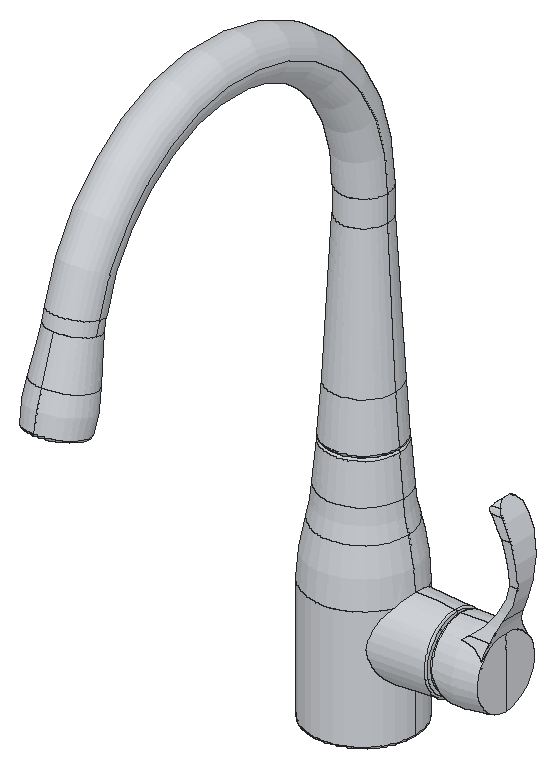
Revit family "Faucet-Kitchen-KOHLER-Simplice-K-22034", category Plumbing Fixtures, host Face, Revit 2015
Parameters (values of type "CP-Polished Chrome")
  Width = 2"  # constant formula
  WaterSense Certified = 1 = 0  # no
  Waste Water Outlet = "Waste Water Outlet"  # constant formula
  Waste Connection = 1 = 0  # no
  Vent Connection = 1 = 0  # no
  URL = "https://www.us.kohler.com/us/"
  Type = 1
  Spout Reach = Length  # 7 1/4"
  Product Page URL = "http://www.us.kohler.com/us/catalog/productDetails.jsp?productNumber=22034"
  Product Name = "Simplice"  # constant formula
  Product Documentation Link = "http://www.us.kohler.com/onlinecatalog/pdf/K-22034_spec.pdf"
  Pressure = 60.00 psi  # constant formula
  Model = if(Type = 1, "K-22034-CP", if(Type = 2, "K-22034-VS", if(Type = 3, "K-22034-BL", "NA")))  # "K-22034-CP"
  Material = "Premium Metal Construction"  # constant formula
  MasterFormat 2004 = "22.41.39"  # constant formula
  MasterFormat 1995 = "15410"  # constant formula
  Manufacturer Address = "444 Highland Dr, Kohler, WI 53044"  # constant formula
  Manufacturer = "KOHLER Co."  # constant formula
  Length = 7 1/4"  # constant formula
  Hot Water Inlet = "Hot Water Inlet"  # constant formula
  Height = 13"  # constant formula
  Handle Clearance = 3"  # constant formula
  HW Connection = 1 = 1  # yes
  Flow Rate = 1.5 GPM  # constant formula
  Finish = Kohler-Metal-CP-Polished_Chrome
  Environmental Product Declaration = ""
  Drain Included = 1 = 0  # no
  Description = "Bar sink faucet"  # constant formula
  Default Elevation = 36"
  Declare Label = ""
  Date Modified = "1/15/2019"  # constant formula
  Date Created = "1/15/2019"  # constant formula
  Copyright = "Copyright KOHLER Co."  # constant formula
  Contact Us = "https://www.us.kohler.com/us/static/contact.jsp"
  Cold Water Inlet = "Cold Water Inlet"  # constant formula
  CW Connection = 1 = 1  # yes
  Assembly Code = "D2010"
  ADA Compliant = 1 = 1  # yes
Types (4): name | Type | Model | Finish
  (no name) | 1 | "K-22034-CP" | Kohler-Metal-CP-Polished_Chrome
  CP-Polished Chrome | 1 | "K-22034-CP" | Kohler-Metal-CP-Polished_Chrome
  VS-Vibrant Stainless | 2 | "K-22034-VS" | Kohler-Metal-VS-Vibrant_Stainless
  BL-Matte Black | 3 | "K-22034-BL" | Kohler-Metal-BL-Matte_Black
Reference planes (in)
  plane 1 "Center (Front/Back)": y = 0
  plane 2: z = 0
  plane 3 "Center (Left/Right)": x = 0
  plane 4: y = 1
  plane 5: y = -1
  plane 6: y = -7.25
  plane 7: x = 1
  plane 8: x = -1
  plane 9: z = 13
  plane 10: z = 4.6875
  plane 11: z = 1.6875
  plane 12: z = 8.0625
Dimensions and locks (in)
  "Length": plane 6 to plane 1 "Center (Front/Back)"
  "Width": plane 7 to plane 8
  "Handle Clearance": plane 10 to plane 11
  "Height": plane 9 to level
  plane 10 to level = 4 11/16"
  plane 10 to plane 2 = 4 11/16"
  plane 10 to plane 11 = 3"
  plane 12 to plane 2 = 8 1/16"
  aligned and locked: host face to plane 2
  aligned and locked: host face to level
Automatic sketch dimensions
  host sketch curve to host sketch curve = 96"  (x2)
Nested families (in)
  nested 1: "K-22034" at (0, 0, 0), type "K-22034"
Connectors (in)
  piping at (-0.23197, 0, 0), diameter 0.375, driven by "Flow Rate", driven by "Pressure", driven by "HW Connection", driven by "Hot Water Inlet"
    settings: on nested 1, index 1, connector inside diameter 24", connector length 0", flow factor 0, pipe flow 1.5 GPM, pressure drop 60.00 psi, fitting loss kfactor 0, connector angle 0.00°, fixture units 0, engagement length 0", angle of deflection 0.00°, flow configuration 1, flow direction 1, fitting loss method 4, system type 19, joint type 0, gender type 0, connector reference index -1, connector utility 1, adjustable connector no, is connector primary yes, connector description "Hot Water Inlet"
  piping at (0.23197, 0, 0), diameter 0.375, driven by "Flow Rate", driven by "Pressure", driven by "CW Connection", driven by "Cold Water Inlet"
    settings: on nested 1, index 2, connector inside diameter 24", connector length 0", flow factor 0, pipe flow 1.5 GPM, pressure drop 60.00 psi, fitting loss kfactor 0, connector angle 0.00°, fixture units 0, engagement length 0", angle of deflection 0.00°, flow configuration 1, flow direction 1, fitting loss method 4, system type 20, joint type 0, gender type 0, connector reference index -1, connector utility 1, adjustable connector no, is connector primary no, connector description "Cold Water Inlet"
Definition of nested family "K-22034"
  Parameters (values of type "K-22034")
    Material = none
  Reference planes (in)
    plane 1 "Center (Front/Back)": y = 0
    plane 2: z = 0
    plane 3 "Center (Left/Right)": x = 0
    plane 4: y = 1
    plane 5: y = -1
    plane 6: z = 13
    plane 7: z = 8.0625
    plane 8: y = -7.25
    plane 9: z = 4.6875
    plane 10: z = 1.6875
    plane 11: x = 1
    plane 12: x = -1
  Forms (in)
    Sweep 1, solid, material <- "Material", detail levels medium+fine
      path origin (0, -0.03906, 0) x (0, 1, 0) y (0, 0, 1)
        loop
          line (0.04254, 8.54016) -> (0.04254, 9.04861)
          arc (0.04254, 9.04861) -> (-3.00477, 12.49296) -> (-6.79482, 9.88813) r 3.47022
          line (-6.79482, 9.88813) -> (-6.85659, 9.64039)
      profile origin (0, 0.00347, 8.54016) x (0, -1, 0) y (1, 0, 0)
        loop
          circle (0.00347, 0) r 0.46228
    Revolve 2, solid, material <- "Material", detail levels medium+fine
      sketch origin (0, -0.03906, 0) x (0, 1, 0) y (0, 0, 1)
        loop
          line (-6.84444, 7.96143) -> (-6.73509, 7.93416)
          arc (-6.73509, 7.93416) -> (-6.71866, 7.93528) -> (-6.707, 7.9469) r 0.02351
          arc (-6.707, 7.9469) -> (-6.58533, 8.29718) -> (-6.53214, 8.66416) r 1.95064
          arc (-6.53214, 8.66416) -> (-6.48953, 9.09905) -> (-6.40467, 9.52771) r 4.46989
          line (-6.40467, 9.52771) -> (-6.85322, 9.63955) -> (-7.2361, 8.10387) -> (-6.83393, 8.0036) -> (-6.84444, 7.96143)
        axis (-6.85322, 9.63955) -> (-7.24662, 8.0617)
      angle from 0 to 360
    Revolve 3, solid, material <- "Material", detail levels medium+fine
      sketch origin (0, 0, -0.81641) x (1, 0, 0) y (0, 0, 1)
        loop
          line (2.08829, 2.51074) -> (2.08829, 2.92818)
          arc (2.08829, 2.92818) -> (1.95057, 3.06819) -> (1.76705, 3.13815) r 0.46087
          line (1.76705, 3.13815) -> (1.76705, 3.20277)
          arc (1.76705, 3.20277) -> (1.75802, 3.22634) -> (1.73556, 3.23786) r 0.03529
          arc (1.73556, 3.23786) -> (0.9647, 3.27811) -> (0.19414, 3.23245) r 6.93607
          line (0.19414, 3.23245) -> (0.19414, 2.51074) -> (2.08829, 2.51074)
        axis (2.08829, 2.51074) -> (0.19414, 2.51074)
      angle from 0 to 360
    Revolve 4, solid, material <- "Material", detail levels medium+fine
      sketch origin (0, 0, -0.81641) x (1, 0, 0) y (0, 0, 1)
        loop
          line (2.70128, 2.51074) -> (2.70128, 3.17784)
          arc (2.70128, 3.17784) -> (2.2811, 3.23423) -> (1.85742, 3.21901) r 2.50669
          arc (1.85742, 3.21901) -> (1.82729, 3.2032) -> (1.81522, 3.17139) r 0.04797
          line (1.81522, 3.17139) -> (1.81522, 2.51074) -> (2.70128, 2.51074)
        axis (2.70128, 2.51074) -> (1.81522, 2.51074)
      angle from 0 to 360
    Extrusion 5, solid, material <- "Material", detail levels medium+fine
      sketch origin (0, 0, -0.81641) x (1, 0, 0) y (0, 0, 1)
        loop
          arc (2.61035, 5.33599) -> (2.88257, 3.99047) -> (1.9728, 2.96244) r 1.53978
          line (1.9728, 2.96244) -> (1.9728, 2.67337) -> (2.67277, 2.67337) -> (2.67277, 2.89633)
          arc (2.67277, 2.89633) -> (2.71648, 3.22185) -> (2.8445, 3.52432) r 1.23409
          arc (2.8445, 3.52432) -> (3.08431, 4.53461) -> (2.71018, 5.50321) r 1.75215
          arc (2.71018, 5.50321) -> (2.65176, 5.4542) -> (2.60633, 5.39295) r 0.32585
          arc (2.60633, 5.39295) -> (2.59967, 5.36386) -> (2.61035, 5.33599) r 0.05122
      from -0.74964 to 0.77874
    Extrusion 6, void
      sketch origin (0, 0, -0.81641) x (0, 1, 0) y (0, 0, 1)
        loop
          arc (0, 5.51074) -> (0.12319, 5.48769) -> (0.21985, 5.40792) r 0.25083
          arc (0.21985, 5.40792) -> (0.24994, 5.35332) -> (0.26564, 5.29298) r 0.25083
          arc (0.26564, 5.29298) -> (0.2794, 5.1119) -> (0.27353, 4.93038) r 1.67962
          arc (0.27353, 4.93038) -> (0.23222, 4.5269) -> (0.17836, 4.12491) r 13.00476
          arc (0.17836, 4.12491) -> (0.19507, 3.62776) -> (0.38806, 3.16929) r 1.37109
          arc (0.38806, 3.16929) -> (0.51106, 2.96656) -> (0.61937, 2.75562) r 3.34114
          arc (0.61937, 2.75562) -> (0.66338, 2.41317) -> (0.49958, 2.10924) r 0.56403
          line (0.49958, 2.10924) -> (2.13017, 2.10924) -> (2.13017, 6.12381) -> (-1.86983, 6.12381) -> (-1.86983, 2.10924) -> (-0.49958, 2.10924)
          arc (-0.49958, 2.10924) -> (-0.66338, 2.41317) -> (-0.61937, 2.75562) r 0.56403
          arc (-0.61937, 2.75562) -> (-0.51118, 2.96636) -> (-0.38832, 3.1689) r 3.34114
          arc (-0.38832, 3.1689) -> (-0.19518, 3.62785) -> (-0.17845, 4.12549) r 1.37281
          arc (-0.17845, 4.12549) -> (-0.23226, 4.5272) -> (-0.27353, 4.93038) r 13.00476
          arc (-0.27353, 4.93038) -> (-0.2794, 5.1119) -> (-0.26564, 5.29298) r 1.67962
          arc (-0.26564, 5.29298) -> (-0.24994, 5.35332) -> (-0.21985, 5.40792) r 0.25083
          arc (-0.21985, 5.40792) -> (-0.12319, 5.48769) -> (0, 5.51074) r 0.25083
      from 0 to 12
    Extrusion 7, void
      sketch origin (0.02344, 0, -0.73828) x (1, 0, 0) y (0, 0, 1)
        loop
          line (1.78428, 2.61195) -> (1.78428, 1.55079) -> (2.1087, 1.55079) -> (1.78428, 2.61195)
      from -1 to 1
    Revolve 8, solid, material <- "Material", detail levels coarse
      sketch origin (0, 0, 0) x (0, 1, 0) y (0, 0, 1)
        loop
          line (0.99996, 0) -> (0.51516, 6.25) -> (0.33129, 6.51259) -> (0, 6.51259) -> (0, 0) -> (0.99996, 0)
        axis (0, 6.51259) -> (0, 0)
      angle from 0 to 360
    Sweep 9, solid, material <- "Material", detail levels coarse
      path origin (0, 0, 0) x (0, 1, 0) y (0, 0, 1)
        loop
          line (0, 6.25) -> (0, 9.14078)
          arc (0, 9.14078) -> (-3.0189, 12.55302) -> (-6.77361, 9.97248) r 3.43787
          line (-6.77361, 9.97248) -> (-7.24982, 8.0625)
      profile origin (0, 0, 6.25) x (0, -1, 0) y (1, 0, 0)
        loop
          circle (0, 0) r 0.51516
    Extrusion 10, solid, material <- "Material", detail levels coarse
      sketch origin (0, 0, -0.82812) x (0, 1, 0) y (0, 0, 1)
        loop
          circle (0, 2.51074) r 0.81691
      from 0 to 2.67277
    Extrusion 11, solid, material <- "Material", detail levels coarse
      sketch origin (0, 0, -0.82812) x (0, 1, 0) y (0, 0, 1)
        loop
          arc (-0.38832, 3.1689) -> (-0.65926, 2.88818) -> (-0.75801, 2.51074) r 0.7707
          arc (-0.75801, 2.51074) -> (0, 1.75273) -> (0.75801, 2.51074) r 0.75801
          arc (0.75801, 2.51074) -> (0.65926, 2.88818) -> (0.38832, 3.1689) r 0.7707
          arc (0.38832, 3.1689) -> (0.19512, 3.62753) -> (0.17836, 4.12491) r 1.37109
          arc (0.17836, 4.12491) -> (0.23222, 4.5269) -> (0.27353, 4.93038) r 13.00476
          arc (0.27353, 4.93038) -> (0.2794, 5.1119) -> (0.26564, 5.29298) r 1.67962
          arc (0.26564, 5.29298) -> (0.17594, 5.45447) -> (0, 5.51074) r 0.25083
          arc (0, 5.51074) -> (-0.17594, 5.45447) -> (-0.26564, 5.29298) r 0.25083
          arc (-0.26564, 5.29298) -> (-0.2794, 5.1119) -> (-0.27353, 4.93038) r 1.67962
          arc (-0.27353, 4.93038) -> (-0.23226, 4.5272) -> (-0.17845, 4.12549) r 13.00476
          arc (-0.17845, 4.12549) -> (-0.19518, 3.62785) -> (-0.38832, 3.1689) r 1.37281
      from 2.52246 to 2.67277
    Extrusion 12, solid, material <- "Material", detail levels coarse
      sketch origin (0, 0, 0) x (1, 0, 0) y (0, 1, 0)
        loop
          circle (-0.23197, 0) r 0.06223
        loop
          circle (0.23197, 0) r 0.06223
      from 0 to 0.35755
    Revolve 13, solid, material <- "Material", detail levels medium+fine
      sketch origin (0, 0, 0) x (1, 0, 0) y (0, 0, 1)
        loop
          line (-0.40485, 4.74983) -> (-0.65878, 4.74983)
          arc (-0.65878, 4.74983) -> (-0.68327, 4.74076) -> (-0.69595, 4.71791) r 0.0376
          arc (-0.69595, 4.71791) -> (-0.74156, 4.34443) -> (-0.76462, 3.96887) r 6.25034
          arc (-0.76462, 3.96887) -> (-0.79221, 3.66948) -> (-0.85581, 3.37562) r 2.48053
          arc (-0.85581, 3.37562) -> (-0.96378, 2.8572) -> (-1, 2.32888) r 3.87136
          line (-1, 2.32888) -> (-1, 0.02654)
          arc (-1, 0.02654) -> (-0.99223, 0.00777) -> (-0.97346, 0) r 0.02654
          line (-0.97346, 0) -> (0, 0) -> (0, 8.54237) -> (-0.46228, 8.54237)
          arc (-0.46228, 8.54237) -> (-0.50254, 7.13326) -> (-0.62318, 5.72874) r 24.68088
          arc (-0.62318, 5.72874) -> (-0.6665, 5.26686) -> (-0.69063, 4.80358) r 11.1874
          arc (-0.69063, 4.80358) -> (-0.68522, 4.78983) -> (-0.67141, 4.78396) r 0.01926
          line (-0.67141, 4.78396) -> (-0.40485, 4.78348) -> (-0.40485, 4.74983)
        axis (0, 8.54237) -> (0, 0)
      angle from 0 to 360
    Sweep 14, void
      path origin (0, -0.01562, 0) x (1, 0, 0) y (0, 1, 0)
        loop
          arc (-1, 0.60814) -> (0, 0.99996) -> (1, 0.60814) r 1.472
      profile origin (0, 0.98434, 0) x (0, 1, 0) y (0, 0, 1)
        loop
          line (0, 0) -> (0.67913, 0) -> (0.67913, 4.07515) -> (-0.2239, 4.07515) -> (0, 0)
  Cuts and joins
    joined: Revolve 8, Sweep 9, Extrusion 10, Extrusion 11
    Extrusion 7 cuts Revolve 4
    Extrusion 6 cuts Extrusion 5
    Sweep 14 cuts Revolve 13
    joined: Sweep 1, Revolve 2, Revolve 3, Revolve 4, Extrusion 5, Revolve 13
  Lines and regions (in)
    Masking region 1
      outline origin (0, 0, 0) x (1, 0, 0) y (0, 1, 0)
        loop
          arc (0, 1) -> (-0.70711, 0.70711) -> (-1, 0) r 1
          arc (-1, 0) -> (-0.85571, -0.51745) -> (-0.46449, -0.88558) r 1
          line (-0.46449, -0.88558) -> (-0.46449, -6.77338)
          arc (-0.46449, -6.77338) -> (-0.58927, -7.18947) -> (-0.42713, -7.59248) r 0.65697
          arc (-0.42713, -7.59248) -> (-0.23448, -7.73534) -> (0, -7.78572) r 0.56667
          arc (0, -7.78572) -> (0.23448, -7.73534) -> (0.42713, -7.59248) r 0.56667
          arc (0.42713, -7.59248) -> (0.58927, -7.18947) -> (0.46449, -6.77338) r 0.65697
          line (0.46449, -6.77338) -> (0.46449, -0.88558)
          arc (0.46449, -0.88558) -> (0.53739, -0.84334) -> (0.60648, -0.7951) r 1
          arc (0.60648, -0.7951) -> (1.16978, -0.81045) -> (1.73185, -0.7703) r 5.71974
          arc (1.73185, -0.7703) -> (1.75699, -0.75711) -> (1.76705, -0.73058) r 0.04001
          line (1.76705, -0.73058) -> (1.76705, -0.67038) -> (1.81522, -0.66014) -> (1.81522, -0.72857)
          arc (1.81522, -0.72857) -> (1.82755, -0.75832) -> (1.85731, -0.77061) r 0.04204
          arc (1.85731, -0.77061) -> (2.26293, -0.7474) -> (2.66341, -0.67893) r 3.62368
          arc (2.66341, -0.67893) -> (2.69069, -0.66176) -> (2.70133, -0.63132) r 0.04884
          line (2.70133, -0.63132) -> (2.70133, -0.39414)
          spline (2.70133, -0.39414) -> (2.70512, -0.38294) -> (2.70923, -0.37202) -> (2.71366, -0.36136) -> (2.71843, -0.35098) -> (2.72351, -0.34089) -> (2.72892, -0.33108) -> (2.73464, -0.32157) -> (2.74068, -0.31234) -> (2.74704, -0.30342) -> (2.7537, -0.2948) -> (2.76068, -0.28649) -> (2.76796, -0.27849)
          arc (2.76796, -0.27849) -> (2.84278, -0.28111) -> (2.91762, -0.27922) r 1.2451
          arc (2.91762, -0.27922) -> (2.98585, -0.27759) -> (3.05142, -0.25864) r 0.26599
          arc (3.05142, -0.25864) -> (3.07828, -0.23602) -> (3.08833, -0.20237) r 0.06136
          line (3.08833, -0.20237) -> (3.08833, 0.20237)
          arc (3.08833, 0.20237) -> (3.07828, 0.23602) -> (3.05142, 0.25864) r 0.06136
          arc (3.05142, 0.25864) -> (2.98585, 0.27759) -> (2.91762, 0.27922) r 0.26599
          arc (2.91762, 0.27922) -> (2.84278, 0.28111) -> (2.76796, 0.27849) r 1.2451
          spline (2.76796, 0.27849) -> (2.76068, 0.28649) -> (2.7537, 0.2948) -> (2.74704, 0.30342) -> (2.74068, 0.31234) -> (2.73464, 0.32157) -> (2.72892, 0.33108) -> (2.72351, 0.34089) -> (2.71843, 0.35098) -> (2.71366, 0.36136) -> (2.70923, 0.37202) -> (2.70512, 0.38294) -> (2.70133, 0.39414)
          line (2.70133, 0.39414) -> (2.70133, 0.63132)
          arc (2.70133, 0.63132) -> (2.69069, 0.66176) -> (2.66341, 0.67893) r 0.04884
          arc (2.66341, 0.67893) -> (2.26293, 0.7474) -> (1.85731, 0.77061) r 3.62368
          arc (1.85731, 0.77061) -> (1.82755, 0.75832) -> (1.81522, 0.72857) r 0.04204
          line (1.81522, 0.72857) -> (1.81522, 0.66014) -> (1.76705, 0.67038) -> (1.76705, 0.73058)
          arc (1.76705, 0.73058) -> (1.75699, 0.75711) -> (1.73185, 0.7703) r 0.04001
          arc (1.73185, 0.7703) -> (1.16978, 0.81045) -> (0.60648, 0.7951) r 5.71974
          arc (0.60648, 0.7951) -> (0.32008, 0.94739) -> (0, 1) r 1
    Masking region 2
      outline origin (0, 0, 0) x (1, 0, 0) y (0, 0, 1)
        loop
          arc (-0.76462, 3.96887) -> (-0.79328, 3.66964) -> (-0.85581, 3.37562) r 2.63722
          arc (-0.85581, 3.37562) -> (-0.96188, 2.85693) -> (-1, 2.32888) r 4.08617
          line (-1, 2.32888) -> (-1, 0) -> (1, 0) -> (1, 0.95363)
          arc (1, 0.95363) -> (1.36717, 0.96404) -> (1.73313, 0.99542) r 6.41911
          arc (1.73313, 0.99542) -> (1.75734, 1.00797) -> (1.76705, 1.03345) r 0.03828
          line (1.76705, 1.03345) -> (1.76705, 1.09496)
          arc (1.76705, 1.09496) -> (1.90735, 1.14093) -> (2.027, 1.22741) r 0.47939
          line (2.027, 1.22741) -> (2.09565, 1.00286)
          arc (2.09565, 1.00286) -> (2.38767, 1.03485) -> (2.67508, 1.09558) r 2.96524
          arc (2.67508, 1.09558) -> (2.69401, 1.10814) -> (2.70133, 1.12965) r 0.03523
          line (2.70133, 1.12965) -> (2.70133, 2.3446)
          arc (2.70133, 2.3446) -> (2.75841, 2.53231) -> (2.8445, 2.70861) r 1.23409
          arc (2.8445, 2.70861) -> (3.08431, 3.71889) -> (2.71018, 4.6875) r 1.75215
          arc (2.71018, 4.6875) -> (2.65176, 4.63848) -> (2.60633, 4.57723) r 0.32585
          arc (2.60633, 4.57723) -> (2.59967, 4.54814) -> (2.61035, 4.52027) r 0.05122
          arc (2.61035, 4.52027) -> (2.92309, 3.38076) -> (2.3362, 2.35517) r 1.53978
          arc (2.3362, 2.35517) -> (2.09477, 2.37944) -> (1.85217, 2.38389) r 2.96524
          arc (1.85217, 2.38389) -> (1.82599, 2.37252) -> (1.81522, 2.34609) r 0.0378
          line (1.81522, 2.34609) -> (1.81522, 2.27737) -> (1.76705, 2.28728) -> (1.76705, 2.34879)
          arc (1.76705, 2.34879) -> (1.75734, 2.37427) -> (1.73313, 2.38682) r 0.03828
          arc (1.73313, 2.38682) -> (1.3662, 2.41826) -> (0.99806, 2.42861) r 6.41911
          arc (0.99806, 2.42861) -> (0.95477, 2.9063) -> (0.85581, 3.37562) r 4.08617
          arc (0.85581, 3.37562) -> (0.79328, 3.66964) -> (0.76462, 3.96887) r 2.63722
          arc (0.76462, 3.96887) -> (0.74009, 4.34501) -> (0.69552, 4.71931) r 7.0637
          arc (0.69552, 4.71931) -> (0.68351, 4.7412) -> (0.66012, 4.74991) r 0.03577
          line (0.66012, 4.74991) -> (0.40708, 4.74991) -> (0.40708, 4.78175) -> (0.67249, 4.78175)
          arc (0.67249, 4.78175) -> (0.68702, 4.78786) -> (0.69281, 4.80251) r 0.02032
          arc (0.69281, 4.80251) -> (0.67092, 5.26539) -> (0.62539, 5.72653) r 9.05543
          arc (0.62539, 5.72653) -> (0.51772, 6.86237) -> (0.47724, 8.00257) r 19.33575
          arc (0.47724, 8.00257) -> (0.51149, 8.01855) -> (0.53839, 8.04509) r 0.11091
          arc (0.53839, 8.04509) -> (0.55105, 8.06802) -> (0.55808, 8.09325) r 0.11286
          arc (0.55808, 8.09325) -> (0.58314, 8.4904) -> (0.53461, 8.88537) r 2.15092
          arc (0.53461, 8.88537) -> (0.48207, 9.20856) -> (0.46448, 9.53552) r 3.04883
          line (0.46448, 9.53552) -> (0.46448, 12.53552)
          arc (0.46448, 12.53552) -> (0.32844, 12.86396) -> (0, 13) r 0.46448
          arc (0, 13) -> (-0.32844, 12.86396) -> (-0.46448, 12.53552) r 0.46448
          line (-0.46448, 12.53552) -> (-0.46448, 9.53552)
          arc (-0.46448, 9.53552) -> (-0.48207, 9.20856) -> (-0.53461, 8.88537) r 3.04883
          arc (-0.53461, 8.88537) -> (-0.58314, 8.4904) -> (-0.55808, 8.09325) r 2.15092
          arc (-0.55808, 8.09325) -> (-0.55105, 8.06802) -> (-0.53839, 8.04509) r 0.11286
          arc (-0.53839, 8.04509) -> (-0.51149, 8.01855) -> (-0.47724, 8.00257) r 0.11091
          arc (-0.47724, 8.00257) -> (-0.51772, 6.86237) -> (-0.62539, 5.72653) r 19.33575
          arc (-0.62539, 5.72653) -> (-0.67092, 5.26539) -> (-0.69281, 4.80251) r 9.05543
          arc (-0.69281, 4.80251) -> (-0.68702, 4.78786) -> (-0.67249, 4.78175) r 0.02032
          line (-0.67249, 4.78175) -> (-0.40708, 4.78175) -> (-0.40708, 4.74991) -> (-0.66012, 4.74991)
          arc (-0.66012, 4.74991) -> (-0.68351, 4.7412) -> (-0.69552, 4.71931) r 0.03577
          arc (-0.69552, 4.71931) -> (-0.74009, 4.34501) -> (-0.76462, 3.96887) r 7.0637
    Masking region 3
      outline origin (0, 0, 0) x (0, 1, 0) y (0, 0, 1)
        loop
          line (-1, 0) -> (1, 0) -> (0.73855, 4.71628)
          arc (0.73855, 4.71628) -> (0.7275, 4.74012) -> (0.70308, 4.74983) r 0.03552
          line (0.70308, 4.74983) -> (0.62994, 4.74983) -> (0.62994, 4.78175) -> (0.71645, 4.78175)
          arc (0.71645, 4.78175) -> (0.73023, 4.78764) -> (0.73551, 4.80167) r 0.01908
          arc (0.73551, 4.80167) -> (0.70848, 5.26459) -> (0.66798, 5.72653) r 15.92994
          arc (0.66798, 5.72653) -> (0.55884, 7.07832) -> (0.5077, 8.43354) r 31.65017
          line (0.5077, 8.43354) -> (0.5077, 9.07504)
          arc (0.5077, 9.07504) -> (0.31101, 10.29387) -> (-0.2591, 11.38894) r 3.87463
          arc (-0.2591, 11.38894) -> (-1.11334, 12.23892) -> (-2.17826, 12.80294) r 4.08865
          arc (-2.17826, 12.80294) -> (-2.74046, 12.94955) -> (-3.31927, 13) r 3.45917
          arc (-3.31927, 13) -> (-4.41962, 12.8577) -> (-5.44516, 12.43428) r 4.2318
          arc (-5.44516, 12.43428) -> (-6.56927, 11.46063) -> (-7.25, 10.13843) r 3.92144
          line (-7.25, 10.13843) -> (-7.81617, 8.20366) -> (-6.73759, 7.93474)
          arc (-6.73759, 7.93474) -> (-6.72, 7.93636) -> (-6.70724, 7.94858) r 0.02678
          arc (-6.70724, 7.94858) -> (-6.57026, 8.32576) -> (-6.52884, 8.7249) r 1.64221
          arc (-6.52884, 8.7249) -> (-6.52422, 8.85187) -> (-6.50558, 8.97755) r 1.14653
          arc (-6.50558, 8.97755) -> (-6.47677, 9.13157) -> (-6.45345, 9.28651) r 4.41472
          arc (-6.45345, 9.28651) -> (-6.25318, 10.07238) -> (-5.87492, 10.78977) r 3.44879
          arc (-5.87492, 10.78977) -> (-4.86958, 11.69569) -> (-3.56347, 12.04992) r 2.91461
          arc (-3.56347, 12.04992) -> (-2.39832, 11.85991) -> (-1.38945, 11.24686) r 3.09022
          arc (-1.38945, 11.24686) -> (-0.69547, 10.30384) -> (-0.41928, 9.16604) r 2.97395
          arc (-0.41928, 9.16604) -> (-0.41889, 8.79978) -> (-0.42274, 8.43354) r 31.65017
          arc (-0.42274, 8.43354) -> (-0.47387, 7.07832) -> (-0.58302, 5.72653) r 31.65017
          arc (-0.58302, 5.72653) -> (-0.62352, 5.26459) -> (-0.65055, 4.80167) r 15.92994
          arc (-0.65055, 4.80167) -> (-0.64527, 4.78764) -> (-0.63149, 4.78175) r 0.01908
          line (-0.63149, 4.78175) -> (-0.58163, 4.78175) -> (-0.58163, 4.74983) -> (-0.61812, 4.74983)
          arc (-0.61812, 4.74983) -> (-0.64164, 4.74093) -> (-0.65337, 4.71869) r 0.03552
          arc (-0.65337, 4.71869) -> (-0.70223, 4.35866) -> (-0.7592, 3.99982) r 16.09797
          arc (-0.7592, 3.99982) -> (-0.82069, 3.62636) -> (-0.87801, 3.25224) r 34.03582
          arc (-0.87801, 3.25224) -> (-0.96941, 2.70616) -> (-1, 2.15333) r 5.01083
          line (-1, 2.15333) -> (-1, 0)
    symbolic lines, detail levels medium+fine
      curve 1: line (-0.46449, -0.88558, 0) -> (-0.46449, 0.03288, 0)
      curve 2: line (-0.46449, -6.77338, 0) -> (-0.46449, -6.94328, 0)
      curve 3: line (0.46449, -0.88558, 0) -> (0.46449, 0.03288, 0)
      curve 4: line (0.46449, -6.77338, 0) -> (0.46449, -6.94328, 0)
      curve 5: arc (-0.62539, 0.04237, 0) -> (0, 0.66775, 0) -> (0.62539, 0.04237, 0) r 0.62539
      curve 6: arc (0.62539, 0.04237, 0) -> (0.58378, -0.18194, 0) -> (0.46449, -0.3764, 0) r 0.62539
      curve 7: arc (-0.69662, 0.04237, 0) -> (-0.63594, -0.24197, 0) -> (-0.46449, -0.47678, 0) r 0.69662
      curve 8: arc (0.69662, 0.04237, 0) -> (0, 0.73897, 0) -> (-0.69662, 0.04237, 0) r 0.69662
      curve 9: arc (-0.46449, -0.3764, 0) -> (-0.58378, -0.18194, 0) -> (-0.62539, 0.04237, 0) r 0.62539
      curve 10: arc (0.46449, -0.47678, 0) -> (0.63594, -0.24197, 0) -> (0.69662, 0.04237, 0) r 0.69662
      curve 11: line (1.76705, 0.67038, 0) -> (1.76705, -0.67038, 0)
      curve 12: line (1.81522, 0.66014, 0) -> (1.81522, -0.66014, 0)
      curve 13: line (0.60648, -0.7951, 0) -> (0.50155, -0.7951, 0)
      curve 14: line (0.60648, 0.7951, 0) -> (0.50155, 0.7951, 0)
      curve 15: arc (0.50155, -0.7951, 0) -> (0.84793, 0, 0) -> (0.50155, 0.7951, 0) r 1.08576
      curve 16: arc (2.76796, 0.27849, 0) -> (2.68822, 0.27306, 0) -> (2.61042, 0.25477, 0) r 0.49103
      curve 17: line (2.60036, -0.24096, 0) -> (2.60036, 0.24096, 0)
      curve 18: arc (2.60036, 0.24096, 0) -> (2.60314, 0.2495, 0) -> (2.61042, 0.25477, 0) r 0.01452
      curve 19: spline (2.71016, 0.08032, 0) -> (2.71395, 0.09476, 0) -> (2.71818, 0.10884, 0) -> (2.72284, 0.1225, 0) -> (2.72789, 0.13571, 0) -> (2.73333, 0.14841, 0) -> (2.73914, 0.16056, 0) -> (2.7453, 0.17212, 0) -> (2.75178, 0.18305, 0) -> (2.75857, 0.19331, 0) -> (2.76564, 0.20287, 0) -> (2.77296, 0.21169, 0) -> (2.78051, 0.21974, 0)
      curve 20: spline (2.78048, 0.21985, 0) -> (2.7854, 0.22482, 0) -> (2.79034, 0.22953, 0) -> (2.79532, 0.23399, 0) -> (2.80031, 0.23818, 0) -> (2.80533, 0.24211, 0) -> (2.81036, 0.24577, 0) -> (2.81539, 0.24916, 0) -> (2.82044, 0.25228, 0) -> (2.82548, 0.25511, 0) -> (2.83052, 0.25767, 0) -> (2.83555, 0.25994, 0) -> (2.84057, 0.26193, 0)
      curve 21: spline (2.71016, 0.08032, 0) -> (2.70265, 0.09659, 0) -> (2.69475, 0.11236, 0) -> (2.68649, 0.12759, 0) -> (2.67788, 0.14221, 0) -> (2.66896, 0.15619, 0) -> (2.65976, 0.16947, 0) -> (2.65031, 0.18202, 0) -> (2.64063, 0.19378, 0) -> (2.63077, 0.20473, 0) -> (2.62074, 0.21483, 0) -> (2.6106, 0.22404, 0) -> (2.60036, 0.23233, 0)
      curve 22: line (2.71018, -0.0804, 0) -> (2.71018, 0.08015, 0)
      curve 23: arc (2.84057, 0.26193, 0) -> (2.869, 0.27168, 0) -> (2.89784, 0.28016, 0) r 0.6744
      curve 24: spline (2.71018, -0.0804, 0) -> (2.71397, -0.09483, 0) -> (2.71821, -0.1089, 0) -> (2.72286, -0.12256, 0) -> (2.72791, -0.13576, 0) -> (2.73335, -0.14845, 0) -> (2.73916, -0.16059, 0) -> (2.74531, -0.17215, 0) -> (2.75179, -0.18307, 0) -> (2.75858, -0.19333, 0) -> (2.76564, -0.20288, 0) -> (2.77296, -0.21169, 0) -> (2.78051, -0.21974, 0)
      curve 25: spline (2.78048, -0.21985, 0) -> (2.7854, -0.22482, 0) -> (2.79034, -0.22953, 0) -> (2.79532, -0.23399, 0) -> (2.80031, -0.23818, 0) -> (2.80533, -0.24211, 0) -> (2.81036, -0.24577, 0) -> (2.81539, -0.24916, 0) -> (2.82044, -0.25228, 0) -> (2.82548, -0.25511, 0) -> (2.83052, -0.25767, 0) -> (2.83555, -0.25994, 0) -> (2.84057, -0.26193, 0)
      curve 26: spline (2.71016, -0.08032, 0) -> (2.70265, -0.09659, 0) -> (2.69475, -0.11236, 0) -> (2.68649, -0.12759, 0) -> (2.67788, -0.14221, 0) -> (2.66896, -0.15619, 0) -> (2.65976, -0.16947, 0) -> (2.65031, -0.18202, 0) -> (2.64063, -0.19378, 0) -> (2.63077, -0.20473, 0) -> (2.62074, -0.21483, 0) -> (2.6106, -0.22404, 0) -> (2.60036, -0.23233, 0)
      curve 27: arc (2.84057, -0.26193, 0) -> (2.869, -0.27168, 0) -> (2.89784, -0.28016, 0) r 0.6744
      curve 28: arc (2.67369, 0.53961, 0) -> (2.68161, 0.46716, 0) -> (2.70098, 0.39689, 0) r 0.45576
      curve 29: line (2.6049, 0.2515, 0) -> (2.28202, 0.41602, 0)
      curve 30: arc (2.67369, -0.53961, 0) -> (2.68161, -0.46716, 0) -> (2.70098, -0.39689, 0) r 0.45576
      curve 31: line (2.6049, -0.2515, 0) -> (2.28202, -0.41602, 0)
      curve 32: arc (2.76796, -0.27849, 0) -> (2.68822, -0.27306, 0) -> (2.61042, -0.25477, 0) r 0.49103
      curve 33: arc (2.60036, -0.24096, 0) -> (2.60314, -0.2495, 0) -> (2.61042, -0.25477, 0) r 0.01452
      curve 34: line (-0.40706, 0, 4.78127) -> (0.40706, 0, 4.78127)
      curve 35: line (-0.40708, 0, 4.74991) -> (0.40708, 0, 4.74991)
      curve 36: line (1.76705, 0, 2.28728) -> (1.76705, 0, 1.09496)
      curve 37: line (1.81522, 0, 1.77169) -> (1.81522, 0, 2.27737)
      curve 38: spline (0, 0, 7.96143) -> (-0.10813, 0, 7.96487) -> (-0.2089, 0, 7.97497) -> (-0.29542, 0, 7.99103) -> (-0.36182, 0, 8.01196) -> (-0.40356, 0, 8.03634) -> (-0.41779, 0, 8.0625) -> (-0.40356, 0, 8.08866) -> (-0.36182, 0, 8.11304) -> (-0.29542, 0, 8.13397) -> (-0.2089, 0, 8.15003) -> (-0.10813, 0, 8.16013) -> (0, 0, 8.16357)
      curve 39: spline (0, 0, 8.16357) -> (0.10813, 0, 8.16013) -> (0.2089, 0, 8.15003) -> (0.29542, 0, 8.13397) -> (0.36182, 0, 8.11304) -> (0.40356, 0, 8.08866) -> (0.41779, 0, 8.0625) -> (0.40356, 0, 8.03634) -> (0.36182, 0, 8.01196) -> (0.29542, 0, 7.99103) -> (0.2089, 0, 7.97497) -> (0.10813, 0, 7.96487) -> (0, 0, 7.96143)
      curve 40: spline (-0.4086, 0, 8.08359) -> (-0.37854, 0, 8.0619) -> (-0.3291, 0, 8.04241) -> (-0.26281, 0, 8.0261) -> (-0.18306, 0, 8.01382) -> (-0.09393, 0, 8.00619) -> (0, 0, 8.0036) -> (0.09393, 0, 8.00619) -> (0.18306, 0, 8.01382) -> (0.26281, 0, 8.0261) -> (0.3291, 0, 8.04241) -> (0.37854, 0, 8.0619) -> (0.4086, 0, 8.08359)
      curve 41: arc (-0.47724, 0, 8.00257) -> (0, 0, 7.9072) -> (0.47724, 0, 8.00257) r 1.24173
      curve 42: arc (-0.47724, 0, 8.12243) -> (0, 0, 8.2178) -> (0.47724, 0, 8.12243) r 1.24173
      curve 43: arc (-0.55105, 0, 8.06802) -> (-0.51743, 0, 8.09969) -> (-0.47724, 0, 8.12243) r 0.19228
      curve 44: arc (0.55105, 0, 8.06802) -> (0.51743, 0, 8.09969) -> (0.47724, 0, 8.12243) r 0.19228
      curve 45: spline (0, -0.17845, 3.30909) -> (0, -0.17213, 3.25622) -> (0, -0.16763, 3.20349) -> (0, -0.16494, 3.15103) -> (0, -0.16407, 3.09893) -> (0, -0.16503, 3.0473) -> (0, -0.1678, 2.99625) -> (0, -0.1724, 2.94588) -> (0, -0.1788, 2.89631) -> (0, -0.187, 2.84762) -> (0, -0.19697, 2.79993) -> (0, -0.2087, 2.75333) -> (0, -0.22216, 2.70792)
      curve 46: spline (0, 0.22204, 2.70792) -> (0, 0.20847, 2.75333) -> (0, 0.19665, 2.79991) -> (0, 0.1866, 2.84758) -> (0, 0.17836, 2.89624) -> (0, 0.17192, 2.94578) -> (0, 0.16732, 2.9961) -> (0, 0.16456, 3.04709) -> (0, 0.16363, 3.09866) -> (0, 0.16456, 3.15069) -> (0, 0.16732, 3.20308) -> (0, 0.17193, 3.25572) -> (0, 0.17836, 3.3085)
      curve 47: arc (0, 0.17836, 3.3085) -> (0, 0.23222, 3.7105) -> (0, 0.27353, 4.11398) r 13.00476
      curve 48: arc (0, 0.27353, 4.11398) -> (0, 0.2794, 4.29549) -> (0, 0.26564, 4.47658) r 1.67962
      curve 49: arc (0, 0.26564, 4.47658) -> (0, 0.24909, 4.53902) -> (0, 0.21714, 4.59517) r 0.25083
      curve 50: spline (0, 0.21714, 4.59517) -> (0, 0.20895, 4.60585) -> (0, 0.20003, 4.61609) -> (0, 0.1904, 4.62586) -> (0, 0.1801, 4.63511) -> (0, 0.16915, 4.64383) -> (0, 0.1576, 4.65197) -> (0, 0.14549, 4.65952) -> (0, 0.13286, 4.66645) -> (0, 0.11974, 4.67273) -> (0, 0.10619, 4.67834) -> (0, 0.09225, 4.68327) -> (0, 0.07796, 4.6875)
      curve 51: line (0, 0.07796, 4.6875) -> (0, -0.07805, 4.6875)
      curve 52: spline (0, -0.07805, 4.6875) -> (0, -0.09218, 4.68317) -> (0, -0.10597, 4.67817) -> (0, -0.11938, 4.67254) -> (0, -0.13237, 4.66627) -> (0, -0.14488, 4.65941) -> (0, -0.15688, 4.65196) -> (0, -0.16834, 4.64396) -> (0, -0.1792, 4.63542) -> (0, -0.18944, 4.62638) -> (0, -0.19902, 4.61687) -> (0, -0.20791, 4.60692) -> (0, -0.21609, 4.59655)
      curve 53: arc (0, -0.21609, 4.59655) -> (0, -0.24876, 4.53983) -> (0, -0.26564, 4.47658) r 0.25083
      curve 54: arc (0, -0.26564, 4.47658) -> (0, -0.2794, 4.29549) -> (0, -0.27353, 4.11398) r 1.67962
      curve 55: arc (0, -0.27353, 4.11398) -> (0, -0.23226, 3.71079) -> (0, -0.17845, 3.30909) r 13.00476
      curve 56: line (0, -0.58127, 4.78127) -> (0, -0.01173, 4.78127)
      curve 57: line (0, -0.58163, 4.74983) -> (0, -0.0324, 4.74983)
      curve 58: line (0, 0.62994, 4.78175) -> (0, -0.01173, 4.78175)
      curve 59: line (0, 0.62994, 4.74983) -> (0, -0.0324, 4.74983)
      curve 60: arc (0, -0.38832, 2.35249) -> (0, -0.29248, 2.52424) -> (0, -0.22216, 2.70792) r 1.37281
      curve 61: arc (0, 0.22204, 2.70792) -> (0, 0.2924, 2.52423) -> (0, 0.38832, 2.35249) r 1.37109
      curve 62: arc (0, -0.33605, 2.43892) -> (0, 0.00004, 0.87743) -> (0, 0.33599, 2.43895) r 0.81691
      curve 63: arc (0, -0.75801, 1.69434) -> (0, 0, 0.93633) -> (0, 0.75801, 1.69434) r 0.75801
      curve 64: arc (0, -0.38832, 2.35249) -> (0, -0.65926, 2.07178) -> (0, -0.75801, 1.69434) r 0.7707
      curve 65: arc (0, 0.38832, 2.35249) -> (0, 0.65926, 2.07178) -> (0, 0.75801, 1.69434) r 0.7707
      curve 66: line (2.027, 0, 1.22741) -> (1.81522, 0, 1.77169)
      curve 67: arc (0.99806, 0, 2.42861) -> (0.84159, 0, 1.69091) -> (1, 0, 0.95363) r 1.80595
  Dimensions and locks (in)
    plane 9 to level = 4 11/16"
    plane 9 to plane 10 = 3"
    plane 7 to plane 2 = 8 1/16"
    aligned and locked: level to plane 2
